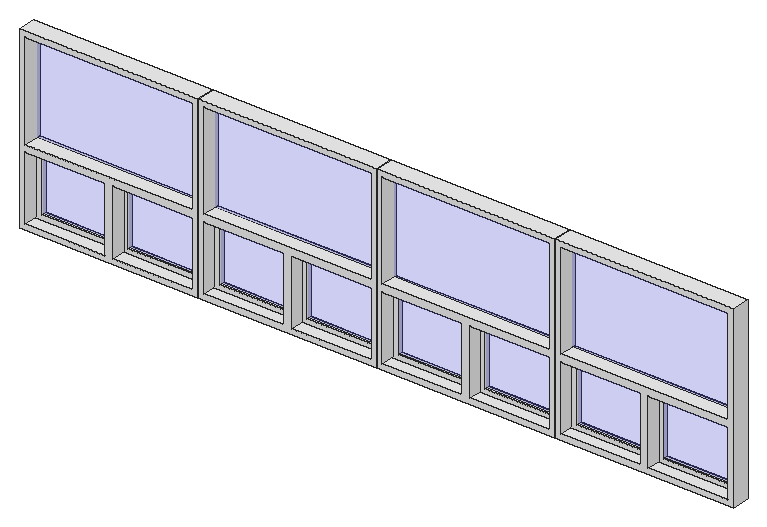
Revit family
Parameters
  창 두께 = 150 mm
  창 패널 = AW14 창 패널
  창 프레임 = AW14 창 프레임
  폭 1 = Width / 4  # 1500 mm
  Height = 1500 mm
  절반 창 두께 = 창 두께 / 2  # 75 mm
  기본 씰 높이 = 900 mm
  Wall Closure = (empty or 0)
  Width = 6000 mm
Reference planes
  plane 1: y = 0
  plane 2 "중심(왼쪽/오른쪽)": x = 0
  plane 3 "왼쪽": x = -3000
  plane 4 "오른쪽": x = 3000
  plane 5 "씰": z = 900
  plane 6 "헤드": z = 2400
  plane 7 "외부": y = 100
  plane 8 "내부": y = -100
  plane 9: y = 75
  plane 10: y = -75
  plane 11: y = 35
  plane 12: x = -2955
  plane 13: x = 2955
  plane 14: x = -2945
  plane 15: x = 2945
  plane 16: z = 1500
  plane 17: z = 1490
  plane 18: z = 1545
  plane 19: y = 55
  plane 20: y = 66
  plane 21: y = 44
  plane 22: y = -11
  plane 23: y = 11
  plane 24: x = -22.5
  plane 25: x = 22.5
  plane 26: x = -32.5
  plane 27: x = 32.5
  plane 28: x = -1500
  plane 29: x = 1500
  plane 30: x = -1532.5
  plane 31: x = -1467.5
  plane 32: x = -1522.5
  plane 33: x = -1477.5
  plane 34: x = 1467.5
  plane 35: x = 1532.5
  plane 36: x = 1477.5
  plane 37: x = 1522.5
  plane 38: x = 2250
  plane 39: x = 750
  plane 40: x = -750
  plane 41: x = -2250
  plane 42: x = -2282.5
  plane 43: x = -2217.5
  plane 44: x = -2272.5
  plane 45: x = -2227.5
  plane 46: x = -782.5
  plane 47: x = -717.5
  plane 48: x = -772.5
  plane 49: x = -727.5
  plane 50: x = 717.5
  plane 51: x = 782.5
  plane 52: x = 727.5
  plane 53: x = 772.5
  plane 54: x = 2217.5
  plane 55: x = 2282.5
  plane 56: x = 2227.5
  plane 57: x = 2272.5
  plane 58: x = 2625
  plane 59: x = 1875
  plane 60: x = 1125
  plane 61: x = 375
  plane 62: x = -375
  plane 63: x = -1125
  plane 64: x = -1875
  plane 65: x = -2625
Lines and regions (mm)
  symbolic lines
    curve 1: line (-3000, 100, 0) -> (3000, 100, 0)
    curve 2: line (-3000, -100, 0) -> (3000, -100, 0)
    curve 3: line (-3000, 100, 0) -> (-3000, -100, 0)
    curve 4: line (3000, 100, 0) -> (3000, -100, 0)
    curve 5: line (-1545, 75, 0) -> (-1545, -75, 0)
    curve 6: line (-1455, 75, 0) -> (-1455, -75, 0)
    curve 7: line (-45, 75, 0) -> (-45, -75, 0)
    curve 8: line (45, 75, 0) -> (45, -75, 0)
    curve 9: line (1455, 75, 0) -> (1455, -75, 0)
    curve 10: line (1545, 75, 0) -> (1545, -75, 0)
    curve 11: line (-3000, 0, 0) -> (-1545, 0, 0)
    curve 12: line (-1455, 0, 0) -> (-45, 0, 0)
    curve 13: line (45, 0, 0) -> (1455, 0, 0)
    curve 14: line (1545, 0, 0) -> (3000, 0, 0)
    curve 15: line (3000, 75, 0) -> (-3000, 75, 0)
    curve 16: line (3000, -75, 0) -> (-3000, -75, 0)
Text (mm)
  text "외부" at (-1963.203, 1332.353, 0), in view "참조 레벨"
  text "내부" at (-1981.466, -818.386, 0), in view "참조 레벨"
  text "외부" at (0, 923.751, 2943.296), in view "오른쪽"
  text "외부" at (0, 1040.484, 2685.409), in view "왼쪽"
Dimensions and locks
  equal spacing: plane 3 "왼쪽", plane 2 "중심(왼쪽/오른쪽)", plane 4 "오른쪽"
  "Width": plane 3 "왼쪽" to plane 4 "오른쪽"
  "Height": plane 5 "씰" to plane 6 "헤드"
  "기본 씰 높이": plane 5 "씰" to level
  locked: plane 7 "외부" to host wall at 0
  locked: plane 8 "내부" to host wall
  plane 17 to plane 16 to plane 18 = 10 mm locked, 45 mm locked
  plane 9 to plane 19 to plane 11 = 20 mm locked, 20 mm locked
  plane 20 to plane 19 to plane 21 = 11 mm locked, 11 mm locked
  plane 23 to host wall to plane 22 = 11 mm locked, 11 mm locked
  plane 3 "왼쪽" to plane 12 to plane 14 = 45 mm locked, 10 mm locked
  plane 15 to plane 13 to plane 4 "오른쪽" = 10 mm locked, 45 mm locked
  plane 24 to plane 2 "중심(왼쪽/오른쪽)" to plane 25 = 22.5 mm locked, 22.5 mm locked
  locked: plane 26 to plane 24 at 10
  locked: plane 25 to plane 27 at 10
  locked: plane 5 "씰" to plane 16 at 600
  equal spacing: plane 3 "왼쪽", plane 28, plane 2 "중심(왼쪽/오른쪽)"
  equal spacing: plane 2 "중심(왼쪽/오른쪽)", plane 29, plane 4 "오른쪽"
  plane 30 to plane 32 to plane 28 to plane 33 to plane 31 = 10 mm locked, 22.5 mm locked, 22.5 mm locked, 10 mm locked
  plane 34 to plane 36 to plane 29 to plane 37 to plane 35 = 10 mm locked, 22.5 mm locked, 22.5 mm locked, 10 mm locked
  equal spacing: plane 2 "중심(왼쪽/오른쪽)", plane 40, plane 28
  equal spacing: plane 28, plane 41, plane 3 "왼쪽"
  equal spacing: plane 29, plane 38, plane 4 "오른쪽"
  equal spacing: plane 2 "중심(왼쪽/오른쪽)", plane 39, plane 29
  plane 42 to plane 44 to plane 41 to plane 45 to plane 43 = 10 mm locked, 22.5 mm locked, 22.5 mm locked, 10 mm locked
  plane 46 to plane 48 to plane 40 to plane 49 to plane 47 = 10 mm locked, 22.5 mm locked, 22.5 mm locked, 10 mm locked
  plane 50 to plane 52 to plane 39 to plane 53 to plane 51 = 10 mm locked, 22.5 mm locked, 22.5 mm locked, 10 mm locked
  plane 54 to plane 56 to plane 38 to plane 57 to plane 55 = 10 mm locked, 22.5 mm locked, 22.5 mm locked, 10 mm locked
  equal spacing: plane 38, plane 58, plane 4 "오른쪽"
  equal spacing: plane 38, plane 59, plane 29
  equal spacing: plane 39, plane 60, plane 29
  equal spacing: plane 39, plane 61, plane 2 "중심(왼쪽/오른쪽)"
  equal spacing: plane 2 "중심(왼쪽/오른쪽)", plane 62, plane 40
  equal spacing: plane 40, plane 63, plane 28
  equal spacing: plane 41, plane 64, plane 28
  equal spacing: plane 41, plane 65, plane 3 "왼쪽"
  "절반 창 두께": plane 9 to host wall
  "절반 창 두께": plane 10 to host wall
  equal spacing: group 2, group 4, group 3, group 1
  equal spacing: group 1, group 3, group 4, group 2  (x2)
  aligned and locked: plane 4 "오른쪽" to nested 1
  aligned and locked: nested 1 to plane 5 "씰"
  aligned and locked: nested 2 to plane 5 "씰"
  aligned and locked: plane 28 to nested 4
  aligned and locked: plane 3 "왼쪽" to curve 2
  aligned and locked: plane 3 "왼쪽" to curve 1
  aligned and locked: plane 4 "오른쪽" to curve 1
  aligned and locked: plane 4 "오른쪽" to curve 2
  aligned and locked: curve 1 to plane 7 "외부"
  aligned and locked: curve 3 to plane 8 "내부"
  aligned and locked: plane 8 "내부" to curve 4
  aligned and locked: plane 7 "외부" to curve 4
  aligned and locked: nested 2 to curve 5
  aligned and locked: nested 4 to curve 6
  aligned and locked: nested 4 to curve 7
  aligned and locked: nested 3 to curve 8
  aligned and locked: plane 10 to curve 9
  aligned and locked: plane 9 to curve 9
  aligned and locked: nested 3 to curve 9
  aligned and locked: nested 1 to curve 10
  aligned and locked: curve 5 to curve 11
  aligned and locked: host wall to curve 11
  aligned and locked: curve 6 to curve 12
  aligned and locked: curve 7 to curve 12
  aligned and locked: host wall to curve 12
  aligned and locked: curve 8 to curve 13
  aligned and locked: curve 9 to curve 13
  aligned and locked: host wall to curve 13
  aligned and locked: curve 10 to curve 14
  aligned and locked: host wall to curve 14
  aligned and locked: curve 15 to plane 9
  aligned and locked: curve 16 to plane 10
Nested families
  nested 1: "AW9 2" at (2250, 0, 300) x (-1, 0, 0) z (0, 0, 1), type "AW9"
    with Height 1500 mm
  nested 2: "AW9 2" at (-2250, 0, 300) x (-1, 0, 0) z (0, 0, 1), type "AW9"
    with Height 1500 mm
  nested 3: "AW9 2" at (750, 0, 300) x (-1, 0, 0) z (0, 0, 1), type "AW9"
    with Height 1500 mm
  nested 4: "AW9 2" at (-750, 0, 300) x (-1, 0, 0) z (0, 0, 1), type "AW9"
    with Height 1500 mm
Definition of nested family "AW9 2"
  Parameters (values of type "AW9")
    창 두께 = 150 mm
    창 패널 = AW26 창 패널
    창 프레임 = AW26 창 프레임
    Height = 2100 mm
    절반 창 두께 = 창 두께 / 2  # 75 mm
    기본 씰 높이 = 600 mm
    Wall Closure = (empty or 0)
    Width = 1500 mm
    Assembly Code = ""
  Types (3, lengths in mm): name | Width
    AW9 | 1500
    AW9 2 | 1600
    AW9 1 | 4500
  Reference planes
    plane 1: y = 0
    plane 2 "중심(왼쪽/오른쪽)": x = 0
    plane 3 "왼쪽": x = -750
    plane 4 "오른쪽": x = 750
    plane 5 "씰": z = 600
    plane 6 "헤드": z = 2700
    plane 7 "외부": y = 100
    plane 8 "내부": y = -100
    plane 9: y = 75
    plane 10: y = -75
    plane 11: y = 35
    plane 12: x = -705
    plane 13: x = 705
    plane 14: x = -695
    plane 15: x = 695
    plane 16: z = 1200
    plane 17: z = 1190
    plane 18: z = 1245
    plane 19: y = 55
    plane 20: y = 66
    plane 21: y = 44
    plane 22: y = -11
    plane 23: y = 11
    plane 24: x = -22.5
    plane 25: x = 22.5
    plane 26: x = -32.5
    plane 27: x = 32.5
    plane 28: z = 2655
    plane 29: z = 645
    plane 30: x = 655
    plane 31: z = 1150
    plane 32: x = -655
    plane 33: z = 685
    plane 34: x = 72.5
    plane 35: x = -72.5
    plane 36: x = 368.75
    plane 37: x = -368.75
  Forms (mm)
    Extrusion 1, solid, material "AW26 창 프레임" <- "창 프레임"
      sketch origin (-2000, 75, 1000) x (-1, 0, 0) y (0, 0, 1)
        loop
          line (-2750, 1700) -> (-2750, -400) -> (-1250, -400) -> (-1250, 1700) -> (-2750, 1700)
        loop
          line (-2705, 1655) -> (-2705, 245) -> (-1295, 245) -> (-1295, 1655) -> (-2705, 1655)
        loop
          line (-2705, -355) -> (-2032.5, -355) -> (-2032.5, 190) -> (-2705, 190) -> (-2705, -355)
        loop
          line (-1295, -355) -> (-1295, 190) -> (-1967.5, 190) -> (-1967.5, -355) -> (-1295, -355)
      from -150 to 0
    Extrusion 2, solid, material "AW26 창 프레임" <- "창 프레임"
      sketch origin (-2000, 75, 1000) x (-1, 0, 0) y (0, 0, 1)
        loop
          line (-2705, 190) -> (-2705, -355) -> (-2032.5, -355) -> (-2032.5, 190) -> (-2705, 190)
        loop
          line (-1967.5, 190) -> (-1967.5, -355) -> (-1295, -355) -> (-1295, 190) -> (-1967.5, 190)
        loop
          line (-2655, 150) -> (-2655, -315) -> (-2072.5, -315) -> (-2072.5, 150) -> (-2655, 150)
        loop
          line (-1927.5, 150) -> (-1927.5, -315) -> (-1345, -315) -> (-1345, 150) -> (-1927.5, 150)
      from -40 to 0
    Extrusion 3, solid, material "AW26 창 패널" <- "창 패널"
      sketch origin (-2000, 75, 1000) x (-1, 0, 0) y (0, 0, 1)
        loop
          line (-2705, 1655) -> (-2705, 245) -> (-1295, 245) -> (-1295, 1655) -> (-2705, 1655)
        loop
          line (-2655, 150) -> (-2655, -315) -> (-2072.5, -315) -> (-2072.5, 150) -> (-2655, 150)
        loop
          line (-1927.5, 150) -> (-1927.5, -315) -> (-1345, -315) -> (-1345, 150) -> (-1927.5, 150)
      from -31 to -9
  Lines and regions (mm)
    Opening 1
      outline origin (3500, -100, 0) x (1, 0, 0) y (0, 0, 1)
        loop
          line (-2750, 600) -> (-2750, 2700) -> (-4250, 2700) -> (-4250, 600) -> (-2750, 600)
    symbolic lines, style "입면도 스윙"
      curve 1: line (368.75, 75, 1190) -> (705, 75, 645)
      curve 2: line (368.75, 75, 1190) -> (32.5, 75, 645)
      curve 3: line (-32.5, 75, 645) -> (-368.75, 75, 1190)
      curve 4: line (-368.75, 75, 1190) -> (-705, 75, 645)
    symbolic lines
      curve 5: line (-750, 75, 0) -> (750, 75, 0)
      curve 6: line (-705, 0, 0) -> (705, 0, 0)
      curve 7: line (-750, -75, 0) -> (750, -75, 0)
      curve 8: line (-705, 75, 0) -> (-705, -75, 0)
      curve 9: line (705, 75, 0) -> (705, -75, 0)
  Text (mm)
    text "외부" at (-1963.203, 1332.353, 0), in view "참조 레벨"
    text "내부" at (-1981.466, -818.386, 0), in view "참조 레벨"
    text "외부" at (0, 923.751, 2943.296), in view "오른쪽"
    text "외부" at (0, 1040.484, 2685.409), in view "왼쪽"
  Dimensions and locks
    equal spacing: plane 3 "왼쪽", plane 2 "중심(왼쪽/오른쪽)", plane 4 "오른쪽"
    "Width": plane 3 "왼쪽" to plane 4 "오른쪽"
    "Height": plane 5 "씰" to plane 6 "헤드"
    locked: plane 7 "외부" to host wall at 0
    locked: plane 8 "내부" to host wall
    plane 17 to plane 16 to plane 18 = 10 mm locked, 45 mm locked
    plane 9 to plane 19 to plane 11 = 20 mm locked, 20 mm locked
    plane 20 to plane 19 to plane 21 = 11 mm locked, 11 mm locked
    plane 23 to host wall to plane 22 = 11 mm locked, 11 mm locked
    plane 3 "왼쪽" to plane 12 to plane 14 = 45 mm locked, 10 mm locked
    plane 15 to plane 13 to plane 4 "오른쪽" = 10 mm locked, 45 mm locked
    plane 24 to plane 2 "중심(왼쪽/오른쪽)" to plane 25 = 22.5 mm locked, 22.5 mm locked
    locked: plane 26 to plane 24 at 10
    locked: plane 25 to plane 27 at 10
    locked: plane 5 "씰" to plane 16 at 600
    "절반 창 두께": plane 9 to plane 1
    "절반 창 두께": plane 10 to plane 1
    "기본 씰 높이": level to plane 5 "씰"
    locked: plane 28 to plane 6 "헤드" at 45
    locked: plane 5 "씰" to plane 29 at 45
    locked: plane 30 to plane 15 at 40
    locked: plane 31 to plane 17 at 40
    locked: plane 14 to plane 32 at 40
    locked: plane 29 to plane 33 at 40
    locked: plane 34 to plane 27 at 40
    locked: plane 26 to plane 35 at 40
    equal spacing: plane 27, plane 36, plane 13
    equal spacing: plane 26, plane 37, plane 12
    aligned and locked: plane 6 "헤드" to Extrusion 1 sketch curve
    aligned and locked: plane 4 "오른쪽" to Extrusion 1 sketch curve
    aligned and locked: Extrusion 1 sketch curve to plane 5 "씰"
    aligned and locked: Extrusion 1 sketch curve to plane 3 "왼쪽"
    aligned and locked: Extrusion 1 sketch curve to plane 28
    aligned and locked: plane 13 to Extrusion 1 sketch curve  (x2)
    aligned and locked: plane 29 to Extrusion 1 sketch curve  (x2)
    aligned and locked: Extrusion 1 sketch curve to plane 12
    aligned and locked: plane 18 to Extrusion 1 sketch curve
    aligned and locked: plane 12 to Extrusion 1 sketch curve
    aligned and locked: plane 17 to Extrusion 1 sketch curve  (x2)
    aligned and locked: plane 27 to Extrusion 1 sketch curve
    aligned and locked: plane 26 to Extrusion 1 sketch curve
    aligned and locked: Extrusion 1 to plane 10
    aligned and locked: plane 9 to Extrusion 1
    aligned and locked: plane 17 to Extrusion 2 sketch curve  (x2)
    aligned and locked: plane 13 to Extrusion 2 sketch curve
    aligned and locked: plane 29 to Extrusion 2 sketch curve  (x2)
    aligned and locked: plane 27 to Extrusion 2 sketch curve
    aligned and locked: Extrusion 2 sketch curve to plane 31  (x2)
    aligned and locked: Extrusion 2 sketch curve to plane 30
    aligned and locked: plane 33 to Extrusion 2 sketch curve  (x2)
    aligned and locked: Extrusion 2 sketch curve to plane 34
    aligned and locked: Extrusion 2 sketch curve to plane 26
    aligned and locked: Extrusion 2 sketch curve to plane 12
    aligned and locked: Extrusion 2 sketch curve to plane 35
    aligned and locked: Extrusion 2 sketch curve to plane 32
    aligned and locked: Extrusion 2 to plane 9
    aligned and locked: Extrusion 2 to plane 11
    aligned and locked: Extrusion 3 sketch curve to plane 28
    aligned and locked: plane 13 to Extrusion 3 sketch curve
    aligned and locked: Extrusion 3 sketch curve to plane 18
    aligned and locked: Extrusion 3 sketch curve to plane 12
    aligned and locked: Extrusion 3 sketch curve to plane 31  (x2)
    aligned and locked: Extrusion 3 sketch curve to plane 30
    aligned and locked: plane 33 to Extrusion 3 sketch curve  (x2)
    aligned and locked: Extrusion 3 sketch curve to plane 34
    aligned and locked: Extrusion 3 sketch curve to plane 35
    aligned and locked: Extrusion 3 sketch curve to plane 32
    aligned and locked: Extrusion 3 to plane 21
    aligned and locked: plane 20 to Extrusion 3
    aligned and locked: plane 36 to curve 1
    aligned and locked: plane 29 to curve 1
    aligned and locked: plane 13 to curve 1
    aligned and locked: plane 17 to curve 2
    aligned and locked: plane 27 to curve 2
    aligned and locked: plane 29 to curve 2
    aligned and locked: plane 17 to curve 3
    aligned and locked: plane 37 to curve 3
    aligned and locked: plane 29 to curve 3
    aligned and locked: plane 26 to curve 3
    aligned and locked: plane 29 to curve 4
    aligned and locked: plane 12 to curve 4
    aligned and locked: plane 3 "왼쪽" to curve 5
    aligned and locked: plane 3 "왼쪽" to curve 7
    aligned and locked: plane 12 to curve 6
    aligned and locked: plane 4 "오른쪽" to curve 5
    aligned and locked: plane 4 "오른쪽" to curve 7
    aligned and locked: plane 13 to curve 6
    aligned and locked: plane 13 to curve 9
    aligned and locked: plane 9 to curve 8
    aligned and locked: plane 10 to curve 8
    aligned and locked: plane 12 to curve 8
    aligned and locked: curve 5 to plane 9
    aligned and locked: curve 7 to plane 10
    aligned and locked: host wall to curve 6
  Automatic sketch dimensions
    Opening 1 sketch curve to plane 3 "왼쪽" = 0 mm
    Opening 1 sketch curve to plane 4 "오른쪽" = 0 mm
    Opening 1 sketch curve to plane 5 "씰" = 0 mm
    Opening 1 sketch curve to plane 6 "헤드" = 0 mm
    Extrusion 1 sketch curve to plane 17 = 0 mm
    Extrusion 1 sketch curve to plane 29 = 0 mm
